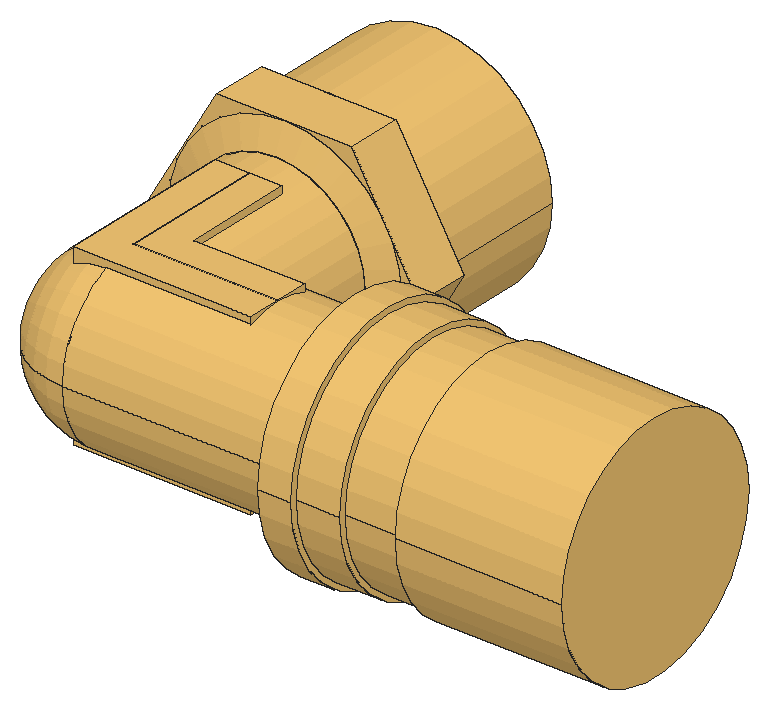
Revit family "VTm.453.BG", category Соединительные детали трубопроводов, Revit 2019
Family settings
  Размер круглого соединителя = Использовать диаметр
  Тип детали = Отвод
  На основе рабочей плоскости = Нет
  Всегда вертикально = Да
  При загрузке вырезать с полостями = Нет
  Общий = Нет
Parameters
  Таблица = "VTm.453.BG"  # constant formula
  Изготовитель = "VALTEC"  # constant formula
  msg [instance] = size_lookup(Таблица, "msg", 0 mm, Du1, Du2)  # 25 mm
  msf [instance] = size_lookup(Таблица, "msf", 0 mm, Du1, Du2)  # 74 mm
  k [instance] = size_lookup(Таблица, "k", 0 mm, Du1, Du2)  # 1 mm
  h2 [instance] = size_lookup(Таблица, "h2", 0 mm, Du1, Du2)  # 13 mm
  h1 [instance] = size_lookup(Таблица, "h1", 0 mm, Du1, Du2)  # 6 mm
  g2 [instance] = dn1 - 1 mm  # 20 mm
  g1 [instance] = dn1 + 1 mm  # 22 mm
  g [instance] = size_lookup(Таблица, "g", 0 mm, Du1, Du2)  # 3 mm
  dn2 [instance] = size_lookup(Таблица, "dn2", 0 mm, Du1, Du2)  # 21 mm
  dn1 [instance] = size_lookup(Таблица, "dn1", 0 mm, Du1, Du2)  # 21 mm
  d [instance] = size_lookup(Таблица, "d", 0 mm, Du1, Du2)  # 16 mm
  f [instance] = size_lookup(Таблица, "f", 0 mm, Du1, Du2)  # 5 mm
  b [instance] = size_lookup(Таблица, "b", 0 mm, Du1, Du2)  # 12 mm
  a [instance] = size_lookup(Таблица, "a", 0 mm, Du1, Du2)  # 21 mm
  L3 [instance] = size_lookup(Таблица, "L3", 0 mm, Du1, Du2)  # 24 mm
  L2 [instance] = size_lookup(Таблица, "L2", 0 mm, Du1, Du2)  # 34 mm
  L1 [instance] = size_lookup(Таблица, "L1", 0 mm, Du1, Du2)  # 20 mm
  Du2 [instance] = 15 mm
  Du1 [instance] = 16 mm
  ADSK_Позиция [instance] = ""
  ADSK_Обозначение [instance] = "VTm.453.BG"  # constant formula
  ADSK_Наименование [instance] = size_lookup(Таблица, "", "Данный типоразмер отсутствует", Du1, Du2)  # "Фитинг аксиальный универсальный – угольник надвижной с переходом на наружную резьбу 16 (2,2) мм х 1/2\""
  ADSK_Материал [instance] = Латунь -CW614N
  ADSK_Масса_фитинга [instance] = msf / 1000 mm  # 0.074
  ADSK_Масса_гильзы [instance] = msg / 1000 mm  # 0.025
  ADSK_Код изделия - фитинг [instance] = size_lookup(Таблица, "Код продукта", "Данный типоразмер отсутствует", Du1, Du2)  # "VTm.453.BG.001604"
  ADSK_Код изделия - гильза [instance] = size_lookup(Таблица, "Код гильза", "Данный типоразмер отсутствует", Du1, Du2)  # "VTm.400.BG.001622"
  ADSK_Завод-изготовитель [instance] = Изготовитель  # "VALTEC"
  ADSK_Единица измерения [instance] = "шт."  # constant formula
  ADSK_URL страницы изделия [instance] = "https://valtec.ru/catalog/sistemy_metallopolimernyh_i_polimernyh_truboprovodov/aksialnye_fitingi_universalnye/fiting_aksialnyj_universalnyj_ugolnik_nadvijnoj_s_perehodom_na_narujnuyu_rezbu.html"
  ADSK_URL документации изделия [instance] = "https://valtec.ru/document/technical/VTm.400.BG-0321.pdf"
Reference planes
  plane 1 "По центру (Вперед/Назад)": y = 0
  plane 2: z = 0
  plane 3 "По центру (Влево/Вправо)": x = 0
  plane 4: y = 8
  plane 5: y = -8
  plane 6: x = 20
  plane 7: x = 23
  plane 8: x = 27
  plane 9: x = 32
  plane 10: x = 47
  plane 11: y = 16
  plane 12: y = 17
  plane 13: y = 22
  plane 14: y = 34
  plane 15: z = 10.5
  plane 16: z = -10.5
  plane 17: through (0, -1524, 0) normal (-0.866, 0, -0.5)
  plane 18: through (-20.407, -1524, 14.346) normal (0.866, 0, 0.5)
  plane 19: through (-1.45, -1524, 23.512) normal (0.866, 0, 0.5)
  plane 20: through (0, -1524, 0) normal (-0.866, 0, 0.5)
  plane 21: through (20.301, -1524, 14.163) normal (0.866, 0, -0.5)
  plane 22: through (0.999, -1524, 22.73) normal (0.866, 0, -0.5)
  plane 23: y = 13
  plane 24: x = 13
  plane 25: y = -3
  plane 26: y = 3
  plane 27: x = 3
  plane 28: x = -3
  plane 29: z = 8
  plane 30: z = -8
Forms (mm)
  Revolve 1, solid, material "Латунь -CW614N" <- "ADSK_Материал", detail levels fine
    sketch origin (0, 0, 0) x (1, 0, 0) y (0, 1, 0)
      loop
        arc (-8, 0) -> (-5.657, -5.657) -> (0, -8) r 8
        line (0, -8) -> (20, -8) -> (20, 0) -> (-8, 0)
      axis (20, 0) -> (-8, 0)
    angle from 0 to 360
  Extrusion 2, solid, material "Латунь -CW614N" <- "ADSK_Материал", detail levels fine
    sketch origin (0, 0, 0) x (0, 1, 0) y (0, 0, 1)
      loop
        circle (0, 0) r 11
    from 20 to 23
  Extrusion 3, solid, material "Латунь -CW614N" <- "ADSK_Материал", detail levels fine
    sketch origin (0, 0, 0) x (0, 1, 0) y (0, 0, 1)
      loop
        circle (0, 0) r 10.5
    from 23 to 27
  Extrusion 4, solid, material "Латунь -CW614N" <- "ADSK_Материал", detail levels fine
    sketch origin (0, 0, 0) x (0, 1, 0) y (0, 0, 1)
      loop
        circle (0, 0) r 10
    from 27 to 32
  Extrusion 5, solid, material "Латунь -CW614N" <- "ADSK_Материал", detail levels fine
    sketch origin (0, 0, 0) x (0, 1, 0) y (0, 0, 1)
      loop
        circle (0, 0) r 10.5
    from 32 to 47
  Extrusion 6, solid, material "Латунь -CW614N" <- "ADSK_Материал", detail levels fine
    sketch origin (0, 0, 0) x (1, 0, 0) y (0, 0, 1)
      loop
        circle (0, 0) r 8
    from -16 to 0
  Blend 7, solid, material "Латунь -CW614N" <- "ADSK_Материал", detail levels fine
    base sketch origin (0, 0, 0) x (1, 0, 0) y (0, 0, 1)
      loop
        circle (0, 0) r 10.5
    top sketch origin (0, 0, 0) x (1, 0, 0) y (0, 0, 1)
      loop
        circle (0, 0) r 8
    from -17 to -16
  Extrusion 8, solid, material "Латунь -CW614N" <- "ADSK_Материал", detail levels fine
    sketch origin (0, 0, 0) x (1, 0, 0) y (0, 1, 0)
      loop
        line (-3, -3) -> (13, -3) -> (13, 3) -> (3, 3) -> (3, 13) -> (-3, 13) -> (-3, -3)
    from -8 to 8
  Extrusion 9, solid, material "Латунь -CW614N" <- "ADSK_Материал", detail levels fine
    sketch origin (0, 0, 0) x (1, 0, 0) y (0, 0, 1)
      loop
        line (-12.124, 0) -> (-6.062, -10.5) -> (6.062, -10.5) -> (12.124, 0) -> (6.062, 10.5) -> (-6.062, 10.5) -> (-12.124, 0)
    from -22 to -17
  Extrusion 10, solid, material "Латунь -CW614N" <- "ADSK_Материал", detail levels fine
    sketch origin (0, 0, 0) x (1, 0, 0) y (0, 0, 1)
      loop
        circle (0, 0) r 10.5
    from -34 to -22
Dimensions and locks
  equal spacing: plane 4, plane 1 "По центру (Вперед/Назад)", plane 5
  "d": plane 4 to plane 5
  "L1": plane 3 "По центру (Влево/Вправо)" to plane 6
  "g": plane 6 to plane 7
  locked: plane 7 to plane 8 at 4
  locked: plane 8 to plane 9 at 5
  equal spacing: plane 15, level, plane 16
  "a": plane 15 to plane 16
  equal spacing: plane 21, plane 20, plane 22
  "a": plane 21 to plane 22
  equal spacing: plane 19, plane 17, plane 18
  "a": plane 19 to plane 18
  equal spacing: plane 28, plane 3 "По центру (Влево/Вправо)", plane 27
  equal spacing: plane 26, plane 1 "По центру (Вперед/Назад)", plane 25
  "h1": plane 26 to plane 25
  "h1": plane 28 to plane 27
  "h2": plane 3 "По центру (Влево/Вправо)" to plane 24
  equal spacing: plane 29, level, plane 30
  "d": plane 29 to plane 30
  "b": plane 14 to plane 13
  "f": plane 13 to plane 12
  "k": plane 12 to plane 11
  "L2": plane 14 to plane 1 "По центру (Вперед/Назад)"
  "L3": plane 7 to plane 10
  "d": diameter of Revolve 1 sketch curve
  "g1": diameter of Extrusion 2 sketch curve
  "dn1": diameter of Extrusion 3 sketch curve
  "g2": diameter of Extrusion 4 sketch curve
  "dn1": diameter of Extrusion 5 sketch curve
  "d": diameter of Extrusion 6 sketch curve
  "a": diameter of Blend 7 sketch curve
  "d": diameter of Blend 7 sketch curve
  "dn2": diameter of Extrusion 10 sketch curve
  aligned and locked: level to plane 2
  aligned and locked: plane 5 to Revolve 1 sketch curve
  aligned and locked: plane 1 "По центру (Вперед/Назад)" to Revolve 1 sketch curve
  aligned and locked: Revolve 1 sketch curve to plane 1 "По центру (Вперед/Назад)"
  aligned and locked: Revolve 1 sketch curve to plane 6
  aligned and locked: plane 1 "По центру (Вперед/Назад)" to Extrusion 2 sketch curve
  aligned and locked: level to Extrusion 2 sketch curve
  aligned and locked: Extrusion 2 to Revolve 1
  aligned and locked: plane 7 to Extrusion 2
  aligned and locked: plane 1 "По центру (Вперед/Назад)" to Extrusion 3 sketch curve
  aligned and locked: level to Extrusion 3 sketch curve
  aligned and locked: Extrusion 3 to plane 7
  aligned and locked: plane 8 to Extrusion 3
  aligned and locked: plane 1 "По центру (Вперед/Назад)" to Extrusion 4 sketch curve
  aligned and locked: level to Extrusion 4 sketch curve
  aligned and locked: Extrusion 4 to plane 8
  aligned and locked: plane 9 to Extrusion 4
  aligned and locked: plane 1 "По центру (Вперед/Назад)" to Extrusion 5 sketch curve
  aligned and locked: level to Extrusion 5 sketch curve
  aligned and locked: Extrusion 5 to plane 9
  aligned and locked: plane 10 to Extrusion 5
  aligned and locked: plane 3 "По центру (Влево/Вправо)" to Extrusion 6 sketch curve
  aligned and locked: level to Extrusion 6 sketch curve
  aligned and locked: plane 1 "По центру (Вперед/Назад)" to Extrusion 6
  aligned and locked: plane 11 to Extrusion 6
  aligned and locked: plane 3 "По центру (Влево/Вправо)" to Blend 7 sketch curve  (x2)
  aligned and locked: level to Blend 7 sketch curve  (x2)
  aligned and locked: plane 12 to Blend 7
  aligned and locked: Blend 7 to Extrusion 6
  aligned and locked: Extrusion 8 sketch curve to plane 25
  aligned and locked: Extrusion 8 sketch curve to plane 24
  aligned and locked: Extrusion 8 sketch curve to plane 26
  aligned and locked: plane 28 to Extrusion 8 sketch curve
  aligned and locked: Extrusion 8 sketch curve to plane 27
  aligned and locked: Extrusion 8 sketch curve to plane 23
  aligned and locked: Extrusion 8 to plane 29
  aligned and locked: plane 30 to Extrusion 8
  aligned and locked: plane 3 "По центру (Влево/Вправо)" to nested 1
  aligned and locked: plane 1 "По центру (Вперед/Назад)" to nested 1
  aligned and locked: Extrusion 9 sketch curve to plane 22
  aligned and locked: plane 15 to Extrusion 9 sketch curve
  aligned and locked: plane 19 to Extrusion 9 sketch curve
  aligned and locked: plane 21 to Extrusion 9 sketch curve
  aligned and locked: plane 16 to Extrusion 9 sketch curve
  aligned and locked: Extrusion 9 sketch curve to plane 18
  aligned and locked: plane 13 to Extrusion 9
  aligned and locked: Extrusion 9 to plane 12
  aligned and locked: plane 3 "По центру (Влево/Вправо)" to Extrusion 10 sketch curve
  aligned and locked: level to Extrusion 10 sketch curve
  aligned and locked: plane 14 to Extrusion 10
  aligned and locked: Extrusion 10 to plane 13
Automatic sketch dimensions
  Revolve 1 sketch curve to plane 3 "По центру (Влево/Вправо)" = 0 mm
  Revolve 1 sketch curve to Revolve 1 sketch curve = 1994.123 mm
  plane 10 to Revolve 1 sketch curve = 1953.471 mm
Nested families
  nested 1: "условный вид_5" at (0, 0, 0), type "условный вид_5", detail levels coarse+medium
Connectors
  piping at (23, 0, 0), diameter 16, driven by "Du1"
    settings: on Extrusion 2, index 1, connector inside diameter 609.6 mm, connector length 0 mm, flow factor 0, pipe flow 0.0 L/s, pressure drop 0.0 Pa, fitting loss kfactor 0, connector angle 0.00°, fixture units 0, engagement length 0 mm, angle of deflection 0.00°, flow configuration 0, flow direction 0, fitting loss method 0, system type 28, joint type 0, gender type 0, connector reference index -1, connector utility 0, adjustable connector no, is connector primary yes, connector description ""
  piping at (0, 22, 0), diameter 15, driven by "Du2"
    settings: on Extrusion 10, index 2, connector inside diameter 609.6 mm, connector length 0 mm, flow factor 0, pipe flow 0.0 L/s, pressure drop 0.0 Pa, fitting loss kfactor 0, connector angle 0.00°, fixture units 0, engagement length 0 mm, angle of deflection 0.00°, flow configuration 0, flow direction 0, fitting loss method 0, system type 28, joint type 0, gender type 0, connector reference index -1, connector utility 0, adjustable connector no, is connector primary no, connector description ""
Definition of nested family "условный вид_5"
  Reference planes
    plane 1: y = 0
    plane 2: x = 0
  Lines and regions (mm)
    Filled region 1, type "Цветовая область 1"
      outline origin (0, 0, 0) x (1, 0, 0) y (0, 1, 0)
        loop
          line (0, 35) -> (-10, 10) -> (10, 10) -> (0, 35)
    detail lines
      curve 1: line (0, 0, 0) -> (25, 0, 0)
      curve 2: line (0, 0, 0) -> (0, 10, 0)
      curve 3: line (-10, 10, 0) -> (10, 10, 0)
      curve 4: line (0, 35, 0) -> (10, 10, 0)
      curve 5: line (0, 35, 0) -> (-10, 10, 0)
  Dimensions and locks
    aligned and locked: Filled region 1 sketch curve to curve 4
    aligned and locked: Filled region 1 sketch curve to curve 5
    aligned and locked: Filled region 1 sketch curve to curve 3
